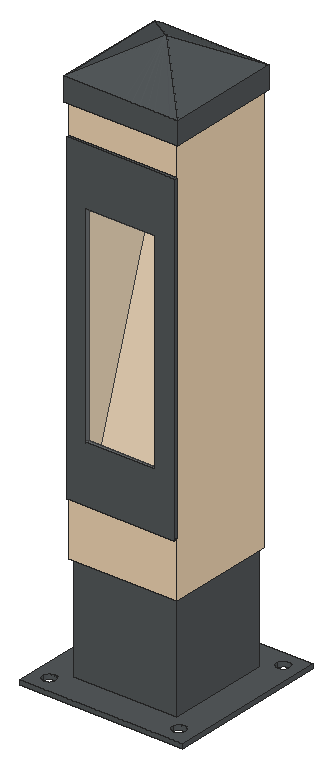
Revit family "Баум", category Осветительные приборы, Revit 2019 (continued)
Types (3, lengths in mm): name | Файл фотометрической сетки | built-in parameter 1150105 | Lumens | built-in parameter 1150106 | built-in parameter 1150142 | Wattage | h_столб низ | h_столб верх | ADSK_Фактическая мощность | ADSK_Размер_Высота | ADSK_Номинальная мощность | ADSK_Наименование | ADSK_Масса_Текст | ADSK_Масса | ADSK_Артикул
    .4 0.4 0.4 0.4 0.4 0.4 0.4 0.4 0.4 0.4 0.4 0.4 0.4 0.4 0.4 0.4 0.4 0.4 0.4 0.4 0.4 0.4 0.4 0.4 0.4 0.4\r\n 0.4 0.4 0.4 0.4 0.4 0.4 0.4 0.4 0.4 0.4 0.4 0.4 0.4 0.4 0.4 0.4 0.4 0.4 0.4 0.4 0.4 0.4 0.4 0.4 0.4 0.4 0.4 0.4 0.4 0.4 0.4 0.4\r\n 0.4 0.4 0.4 0.4 0.4 0.4 0.2 0.2 0.2 0.2 0.2 0.2 0.0 0.0 0.0 0.0 0.0 0.0 0.0 0.0 0.0\r\n0.0 0.0 0.0 0.0 0.0 0.0 0.0 0.0 0.4 0.2 0.4 0.4 0.4 0.4 0.4 0.4 0.4 0.4 0.4 0.4 0.4 0.4 0.4 0.4 0.4 0.4 0.4 0.4 0.4 0.4 0.4 0.4\r\n 0.4 0.4 0.4 0.4 0.4 0.4 0.4 0.4 0.4 0.4 0.4 0.4 0.4 0.4 0.4 0.4 0.4 0.4 0.4 0.4 0.4 0.4 0.4 0.4 0.4 0.4 0.4 0.4 0.4 0.4 0.4 0.4\r\n 0.4 0.4 0.4 0.4 0.4 0.4 0.4 0.4 0.4 0.4 0.4 0.4 0.4 0.4 0.4 0.4 0.4 0.4 0.4 0.4 0.4 0.4 0.4 0.4 0.4 0.4 0.4 0.4 0.4 0.4 0.4 0.4\r\n 0.4 0.4 0.4 0.4 0.4 0.4 0.4 0.4 0.4 0.4 0.4 0.4 0.4 0.4 0.4 0.4 0.4 0.4 0.4 0.4 0.4 0.4 0.4 0.4 0.4 0.4 0.4 0.4 0.4 0.4 0.4 0.4\r\n 0.4 0.4 0.4 0.4 0.4 0.4 0.4 0.4 0.4 0.4 0.4 0.4 0.4 0.4 0.4 0.4 0.4 0.4 0.4 0.4 0.4 0.4 0.4 0.4 0.4 0.4 0.4 0.4 0.4 0.4 0.4 0.4\r\n 0.4 0.4 0.4 0.4 0.4 0.4 0.4 0.4 0.2 0.2 0.2 0.2 0.0 0.0 0.0 0.0 0.0 0.0 0.0 0.0 0.0\r\n0.0 0.0 0.0 0.0 0.0 0.0 0.2 0.2 0.4 0.4 0.4 0.4 0.4 0.4 0.4 0.4 0.4 0.4 0.4 0.4 0.4 0.4 0.4 0.4 0.4 0.4 0.4 0.4 0.4 0.4 0.4 0.4\r\n 0.4 0.4 0.4 0.4 0.4 0.4 0.4 0.4 0.4 0.4 0.4 0.4 0.4 0.4 0.4 0.4 0.4 0.4 0.4 0.4 0.4 0.4 0.4 0.4 0.4 0.4 0.4 0.4 0.4 0.4 0.4 0.4\r\n 0.4 0.4 0.4 0.4 0.4 0.4 0.4 0.4 0.4 0.4 0.4 0.4 0.4 0.4 0.4 0.4 0.4 0.4 0.4 0.4 0.4 0.4 0.4 0.4 0.4 0.4 0.4 0.4 0.4 0.4 0.4 0.4\r\n 0.4 0.4 0.4 0.4 0.4 0.4 0.4 0.4 0.4 0.4 0.4 0.4 0.4 0.4 0.4 0.4 0.4 0.4 0.4 0.4 0.4 0.4 0.4 0.4 0.4 0.4 0.4 0.4 0.4 0.4 0.4 0.4\r\n 0.4 0.4 0.4 0.4 0.4 0.4 0.4 0.4 0.4 0.4 0.4 0.4 0.4 0.4 0.4 0.4 0.4 0.4 0.4 0.4 0.4 0.4 0.4 0.4 0.4 0.4 0.4 0.4 0.4 0.4 0.4 0.4\r\n 0.4 0.4 0.4 0.4 0.4 0.4 0.4 0.4 0.2 0.2 0.2 0.2 0.0 0.0 0.0 0.0 0.0 0.0 0.0 0.0 0.0\r\n0.0 0.0 0.0 0.0 0.0 0.0 0.2 0.2 0.4 0.4 0.4 0.4 0.4 0.4 0.4 0.4 0.4 0.4 0.4 0.4 0.4 0.4 0.4 0.4 0.4 0.4 0.4 0.4 0.4 0.4 0.4 0.4\r\n 0.4 0.4 0.4 0.4 0.4 0.4 0.4 0.4 0.4 0.4 0.4 0.4 0.4 0.4 0.4 0.4 0.4 0.4 0.4 0.4 0.4 0.4 0.4 0.4 0.4 0.4 0.4 0.4 0.4 0.4 0.4 0.4\r\n 0.4 0.4 0.4 0.4 0.4 0.4 0.4 0.4 0.4 0.4 0.4 0.4 0.4 0.4 0.4 0.4 0.4 0.4 0.4 0.4 0.4 0.4 0.4 0.4 0.4 0.4 0.4 0.4 0.4 0.4 0.4 0.4\r\n 0.4 0.4 0.4 0.4 0.4 0.4 0.4 0.4 0.4 0.4 0.4 0.4 0.4 0.4 0.4 0.4 0.4 0.4 0.4 0.4 0.4 0.4 0.4 0.4 0.4 0.4 0.4 0.4 0.4 0.4 0.4 0.4\r\n 0.4 0.4 0.4 0.4 0.4 0.4 0.4 0.4 0.4 0.4 0.4 0.4 0.4 0.4 0.4 0.4 0.4 0.4 0.4 0.4 0.4 0.4 0.4 0.4 0.4 0.4 0.4 0.4 0.4 0.4 0.4 0.4\r\n 0.4 0.4 0.4 0.4 0.4 0.4 0.4 0.4 0.2 0.2 0.2 0.2 0.0 0.0 0.0 0.0 0.0 0.0 0.0 0.0 0.0\r\n0.0 0.0 0.0 0.0 0.0 0.0 0.2 0.2 0.4 0.4 0.4 0.4 0.4 0.4 0.4 0.4 0.4 0.4 0.4 0.4 0.4 0.4 0.4 0.4 0.4 0.4 0.4 0.4 0.4 0.4 0.4 0.4\r\n 0.4 0.4 0.4 0.4 0.4 0.4 0.4 0.4 0.4 0.4 0.4 0.4 0.4 0.4 0.4 0.4 0.4 0.4 0.4 0.4 0.4 0.4 0.4 0.4 0.4 0.4 0.4 0.4 0.4 0.4 0.4 0.4\r\n 0.4 0.4 0.4 0.4 0.4 0.4 0.4 0.4 0.4 0.4 0.4 0.4 0.4 0.4 0.4 0.4 0.4 0.4 0.4 0.4 0.4 0.4 0.4 0.4 0.4 0.4 0.4 0.4 0.4 0.4 0.4 0.4\r\n 0.4 0.4 0.4 0.4 0.4 0.4 0.4 0.4 0.4 0.4 0.4 0.4 0.4 0.4 0.4 0.4 0.4 0.4 0.4 0.4 0.4 0.4 0.4 0.4 0.4 0.4 0.4 0.4 0.4 0.4 0.4 0.4\r\n 0.4 0.4 0.4 0.4 0.4 0.4 0.4 0.4 0.4 0.4 0.4 0.4 0.4 0.4 0.4 0.4 0.4 0.4 0.4 0.4 0.4 0.4 0.4 0.4 0.4 0.4 0.4 0.4 0.4 0.4 0.4 0.4\r\n 0.4 0.4 0.4 0.4 0.4 0.4 0.4 0.4 0.2 0.2 0.2 0.2 0.2 0.0 0.0 0.0 0.0 0.0 0.0 0.0 0.0\r\n0.0 0.0 0.0 0.0 0.0 0.2 0.2 0.2 0.4 0.4 0.4 0.4 0.4 0.4 0.4 0.4 0.4 0.4 0.4 0.4 0.4 0.4 0.4 0.4 0.4 0.4 0.4 0.4 0.4 0.4 0.4 0.4\r\n 0.4 0.4 0.4 0.4 0.4 0.4 0.4 0.4 0.4 0.4 0.4 0.4 0.4 0.4 0.4 0.4 0.4 0.4 0.4 0.4 0.4 0.4 0.4 0.4 0.4 0.4 0.4 0.4 0.4 0.4 0.4 0.4\r\n 0.4 0.4 0.4 0.4 0.4 0.4 0.4 0.4 0.4 0.4 0.4 0.4 0.4 0.4 0.4 0.4 0.4 0.4 0.4 0.4 0.4 0.4 0.4 0.4 0.4 0.4 0.4 0.4 0.4 0.4 0.4 0.4\r\n 0.4 0.4 0.4 0.4 0.4 0.4 0.4 0.4 0.4 0.4 0.4 0.4 0.4 0.4 0.4 0.4 0.4 0.4 0.4 0.4 0.4 0.4 0.4 0.4 0.4 0.4 0.4 0.4 0.4 0.4 0.4 0.4\r\n 0.4 0.4 0.4 0.4 0.4 0.4 0.4 0.4 0.4 0.4 0.4 0.4 0.4 0.4 0.4 0.4 0.4 0.4 0.4 0.4 0.4 0.4 0.4 0.4 0.4 0.4 0.4 0.4 0.4 0.4 0.4 0.4\r\n 0.4 0.4 0.4 0.4 0.4 0.4 0.4 0.4 0.2 0.2 0.2 0.2 0.2 0.0 0.0 0.0 0.0 0.0 0.0 0.0 0.0\r\n0.0 0.0 0.0 0.0 0.0 0.2 0.2 0.2 0.4 0.4 0.4 0.4 0.4 0.4 0.4 0.4 0.4 0.4 0.4 0.4 0.4 0.4 0.4 0.4 0.4 0.4 0.4 0.4 0.4 0.4 0.4 0.4\r\n 0.4 0.4 0.4 0.4 0.4 0.4 0.4 0.4 0.4 0.4 0.4 0.4 0.4 0.4 0.4 0.4 0.4 0.4 0.4 0.4 0.4 0.4 0.4 0.4 0.4 0.4 0.4 0.4 0.4 0.4 0.4 0.4\r\n 0.4 0.4 0.4 0.4 0.4 0.4 0.4 0.4 0.4 0.4 0.4 0.4 0.4 0.4 0.4 0.4 0.4 0.4 0.4 0.4 0.4 0.4 0.4 0.4 0.4 0.4 0.4 0.4 0.4 0.4 0.4 0.4\r\n 0.4 0.4 0.4 0.4 0.4 0.4 0.4 0.4 0.4 0.4 0.4 0.4 0.4 0.4 0.4 0.4 0.4 0.4 0.4 0.4 0.4 0.4 0.4 0.4 0.4 0.4 0.4 0.4 0.4 0.4 0.4 0.4\r\n 0.4 0.4 0.4 0.4 0.4 0.4 0.4 0.4 0.4 0.4 0.4 0.4 0.4 0.4 0.4 0.4 0.4 0.4 0.4 0.4 0.4 0.4 0.4 0.4 0.4 0.4 0.4 0.4 0.4 0.4 0.4 0.4\r\n 0.4 0.4 0.4 0.4 0.4 0.4 0.4 0.4 0.2 0.2 0.2 0.2 0.2 0.0 0.0 0.0 0.0 0.0 0.0 0.0 0.0\r\n0.0 0.0 0.0 0.0 0.0 0.2 0.2 0.2 0.4 0.4 0.4 0.4 0.4 0.4 0.4 0.4 0.4 0.4 0.4 0.4 0.4 0.4 0.4 0.4 0.4 0.4 0.4 0.4 0.4 0.4 0.4 0.4\r\n 0.4 0.4 0.4 0.4 0.4 0.4 0.4 0.4 0.4 0.4 0.4 0.4 0.4 0.4 0.4 0.4 0.4 0.4 0.4 0.4 0.4 0.4 0.4 0.4 0.4 0.4 0.4 0.4 0.4 0.4 0.4 0.4\r\n 0.4 0.4 0.4 0.4 0.4 0.4 0.4 0.4 0.4 0.4 0.4 0.4 0.4 0.4 0.4 0.4 0.4 0.4 0.4 0.4 0.4 0.4 0.4 0.4 0.4 0.4 0.4 0.4 0.4 0.4 0.4 0.4\r\n 0.4 0.4 0.4 0.4 0.4 0.4 0.4 0.4 0.4 0.4 0.4 0.4 0.4 0.4 0.4 0.4 0.4 0.4 0.4 0.4 0.4 0.4 0.4 0.4 0.4 0.4 0.4 0.4 0.4 0.4 0.4 0.4\r\n 0.4 0.4 0.4 0.4 0.4 0.4 0.4 0.4 0.4 0.4 0.4 0.4 0.4 0.4 0.4 0.4 0.4 0.4 0.4 0.4 0.4 0.4 0.4 0.4 0.4 0.4 0.4 0.4 0.4 0.4 0.4 0.4\r\n 0.4 0.4 0.4 0.4 0.4 0.4 0.4 0.4 0.2 0.2 0.2 0.2 0.2 0.2 0.0 0.0 0.0 0.0 0.0 0.0 0.0\r\n0.0 0.0 0.0 0.0 0.2 0.2 0.2 0.2 0.4 0.4 0.4 0.4 0.4 0.4 0.4 0.4 0.4 0.4 0.4 0.4 0.4 0.4 0.4 0.4 0.4 0.4 0.4 0.4 0.4 0.4 0.4 0.4\r\n 0.4 0.4 0.4 0.4 0.4 0.4 0.4 0.4 0.4 0.4 0.4 0.4 0.4 0.4 0.4 0.4 0.4 0.4 0.4 0.4 0.4 0.4 0.4 0.4 0.4 0.4 0.4 0.4 0.4 0.4 0.4 0.4\r\n 0.4 0.4 0.4 0.4 0.4 0.4 0.4 0.4 0.4 0.4 0.4 0.4 0.4 0.4 0.4 0.4 0.4 0.4 0.4 0.4 0.4 0.4 0.4 0.4 0.4 0.4 0.4 0.4 0.4 0.4 0.4 0.4\r\n 0.4 0.4 0.4 0.4 0.4 0.4 0.4 0.4 0.4 0.4 0.4 0.4 0.4 0.4 0.4 0.4 0.4 0.4 0.4 0.4 0.4 0.4 0.4 0.4 0.4 0.4 0.4 0.4 0.4 0.4 0.4 0.4\r\n 0.4 0.4 0.4 0.4 0.4 0.4 0.4 0.4 0.4 0.4 0.4 0.4 0.4 0.4 0.4 0.4 0.4 0.4 0.4 0.4 0.4 0.4 0.4 0.4 0.4 0.4 0.4 0.4 0.4 0.4 0.4 0.4\r\n 0.4 0.4 0.4 0.4 0.4 0.4 0.4 0.4 0.2 0.2 0.2 0.2 0.2 0.2 0.0 0.0 0.0 0.0 0.0 0.0 0.0\r\n0.0 0.0 0.0 0.0 0.2 0.2 0.2 0.2 0.4 0.4 0.4 0.4 0.4 0.4 0.4 0.4 0.4 0.4 0.4 0.4 0.4 0.4 0.4 0.4 0.4 0.4 0.4 0.4 0.4 0.4 0.4 0.4\r\n 0.4 0.4 0.4 0.4 0.4 0.4 0.4 0.4 0.4 0.4 0.4 0.4 0.4 0.4 0.4 0.4 0.4 0.4 0.4 0.4 0.4 0.4 0.4 0.4 0.4 0.4 0.4 0.4 0.4 0.4 0.4 0.4\r\n 0.4 0.4 0.4 0.4 0.4 0.4 0.4 0.4 0.4 0.4 0.4 0.4 0.4 0.4 0.4 0.4 0.4 0.4 0.4 0.4 0.4 0.4 0.4 0.4 0.4 0.4 0.4 0.4 0.4 0.4 0.4 0.4\r\n 0.4 0.4 0.4 0.4 0.4 0.4 0.4 0.4 0.4 0.4 0.4 0.4 0.4 0.4 0.4 0.4 0.4 0.4 0.4 0.4 0.4 0.4 0.4 0.4 0.4 0.4 0.4 0.4 0.4 0.4 0.4 0.4\r\n 0.4 0.4 0.4 0.4 0.4 0.4 0.4 0.4 0.4 0.4 0.4 0.4 0.4 0.4 0.4 0.4 0.4 0.4 0.4 0.4 0.4 0.4 0.4 0.4 0.4 0.4 0.4 0.4 0.4 0.4 0.4 0.4\r\n 0.4 0.4 0.4 0.4 0.4 0.4 0.4 0.4 0.4 0.4 0.2 0.2 0.2 0.2 0.0 0.0 0.0 0.0 0.0 0.0 0.0\r\n0.0 0.0 0.0 0.0 0.2 0.2 0.2 0.2 0.4 0.4 0.4 0.4 0.4 0.4 0.4 0.4 0.4 0.4 0.4 0.4 0.4 0.4 0.4 0.4 0.4 0.4 0.4 0.4 0.4 0.4 0.4 0.4\r\n 0.4 0.4 0.4 0.4 0.4 0.4 0.4 0.4 0.4 0.4 0.4 0.4 0.4 0.4 0.4 0.4 0.4 0.4 0.4 0.4 0.4 0.4 0.4 0.4 0.4 0.4 0.4 0.4 0.4 0.4 0.4 0.4\r\n 0.4 0.4 0.4 0.4 0.4 0.4 0.4 0.4 0.4 0.4 0.4 0.4 0.4 0.4 0.4 0.4 0.4 0.4 0.4 0.4 0.4 0.4 0.4 0.4 0.4 0.4 0.4 0.4 0.4 0.4 0.4 0.4\r\n 0.4 0.4 0.4 0.4 0.4 0.4 0.4 0.4 0.4 0.4 0.4 0.4 0.4 0.4 0.4 0.4 0.4 0.4 0.4 0.4 0.4 0.4 0.4 0.4 0.4 0.4 0.4 0.4 0.4 0.4 0.4 0.4\r\n 0.4 0.4 0.4 0.4 0.4 0.4 0.4 0.4 0.4 0.4 0.4 0.4 0.4 0.4 0.4 0.4 0.4 0.4 0.4 0.4 0.4 0.4 0.4 0.4 0.4 0.4 0.4 0.4 0.4 0.4 0.4 0.4\r\n 0.4 0.4 0.4 0.4 0.4 0.4 0.4 0.4 0.4 0.4 0.2 0.2 0.2 0.2 0.0 0.0 0.0 0.0 0.0 0.0 0.0\r\n0.0 0.0 0.0 0.2 0.2 0.2 0.2 0.2 0.4 0.4 0.4 0.4 0.4 0.4 0.4 0.4 0.4 0.4 0.4 0.4 0.4 0.4 0.4 0.4 0.4 0.4 0.4 0.4 0.4 0.4 0.4 0.4\r\n 0.4 0.4 0.4 0.4 0.4 0.4 0.4 0.4 0.4 0.4 0.4 0.4 0.4 0.4 0.4 0.4 0.4 0.4 0.4 0.4 0.4 0.4 0.4 0.4 0.4 0.4 0.4 0.4 0.4 0.4 0.4 0.4\r\n 0.4 0.4 0.4 0.4 0.4 0.4 0.4 0.4 0.4 0.4 0.4 0.4 0.4 0.4 0.4 0.4 0.4 0.4 0.4 0.4 0.4 0.4 0.4 0.4 0.4 0.4 0.4 0.4 0.4 0.4 0.4 0.4\r\n 0.4 0.4 0.4 0.4 0.4 0.4 0.4 0.4 0.4 0.4 0.4 0.4 0.4 0.4 0.4 0.4 0.4 0.4 0.4 0.4 0.4 0.4 0.4 0.4 0.4 0.4 0.4 0.4 0.4 0.4 0.4 0.4\r\n 0.4 0.4 0.4 0.4 0.4 0.4 0.4 0.4 0.4 0.4 0.4 0.4 0.4 0.4 0.4 0.4 0.4 0.4 0.4 0.4 0.4 0.4 0.4 0.4 0.4 0.4 0.4 0.4 0.4 0.4 0.4 0.4\r\n 0.4 0.4 0.4 0.4 0.4 0.4 0.4 0.4 0.4 0.4 0.2 0.2 0.2 0.2 0.0 0.0 0.0 0.0 0.0 0.0 0.0\r\n0.0 0.0 0.0 0.2 0.2 0.2 0.2 0.2 0.4 0.4 0.4 0.4 0.4 0.4 0.4 0.4 0.4 0.4 0.4 0.4 0.4 0.4 0.4 0.4 0.4 0.4 0.4 0.4 0.4 0.4 0.4 0.4\r\n 0.4 0.4 0.4 0.4 0.4 0.4 0.4 0.4 0.4 0.4 0.4 0.4 0.4 0.4 0.4 0.4 0.4 0.4 0.4 0.4 0.4 0.4 0.4 0.4 0.4 0.4 0.4 0.4 0.4 0.4 0.4 0.4\r\n 0.4 0.4 0.4 0.4 0.4 0.4 0.4 0.4 0.4 0.4 0.4 0.4 0.4 0.4 0.4 0.4 0.4 0.4 0.4 0.4 0.4 0.4 0.4 0.4 0.4 0.4 0.4 0.4 0.4 0.4 0.4 0.4\r\n 0.4 0.4 0.4 0.4 0.4 0.4 0.4 0.4 0.4 0.4 0.4 0.4 0.4 0.4 0.4 0.4 0.4 0.4 0.4 0.4 0.4 0.4 0.4 0.4 0.4 0.4 0.4 0.4 0.4 0.4 0.4 0.4\r\n 0.4 0.4 0.4 0.4 0.4 0.4 0.4 0.4 0.4 0.4 0.4 0.4 0.4 0.4 0.4 0.4 0.4 0.4 0.4 0.4 0.4 0.4 0.4 0.4 0.4 0.4 0.4 0.4 0.4 0.4 0.4 0.4\r\n 0.4 0.4 0.4 0.4 0.4 0.4 0.4 0.4 0.4 0.4 0.2 0.2 0.2 0.2 0.0 0.0 0.0 0.0 0.0 0.0 0.0\r\n0.0 0.0 0.0 0.2 0.2 0.2 0.2 0.2 0.4 0.4 0.4 0.4 0.4 0.4 0.4 0.4 0.4 0.4 0.4 0.4 0.4 0.4 0.4 0.4 0.4 0.4 0.4 0.4 0.4 0.4 0.4 0.4\r\n 0.4 0.4 0.4 0.4 0.4 0.4 0.4 0.4 0.4 0.4 0.4 0.4 0.4 0.4 0.4 0.4 0.4 0.4 0.4 0.4 0.4 0.4 0.4 0.4 0.4 0.4 0.4 0.4 0.4 0.4 0.4 0.4\r\n 0.4 0.4 0.4 0.4 0.4 0.4 0.4 0.4 0.4 0.4 0.4 0.4 0.4 0.4 0.4 0.4 0.4 0.4 0.4 0.4 0.4 0.4 0.4 0.4 0.4 0.4 0.4 0.4 0.4 0.4 0.4 0.4\r\n 0.4 0.4 0.4 0.4 0.4 0.4 0.4 0.4 0.4 0.4 0.4 0.4 0.4 0.4 0.4 0.4 0.4 0.4 0.4 0.4 0.4 0.4 0.4 0.4 0.4 0.4 0.4 0.4 0.4 0.4 0.4 0.4\r\n 0.4 0.4 0.4 0.4 0.4 0.4 0.4 0.4 0.4 0.4 0.4 0.4 0.4 0.4 0.4 0.4 0.4 0.4 0.4 0.4 0.4 0.4 0.4 0.4 0.4 0.4 0.4 0.4 0.4 0.4 0.4 0.4\r\n 0.4 0.4 0.4 0.4 0.4 0.4 0.4 0.4 0.4 0.4 0.2 0.2 0.2 0.2 0.0 0.0 0.0 0.0 0.0 0.0 0.0\r\n0.0 0.0 0.0 0.2 0.2 0.2 0.2 0.2 0.4 0.4 0.4 0.4 0.4 0.4 0.4 0.4 0.4 0.4 0.4 0.4 0.4 0.4 0.4 0.4 0.6 0.6 0.4 0.4 0.4 0.4 0.4 0.4\r\n 0.4 0.4 0.4 0.4 0.4 0.4 0.4 0.4 0.4 0.4 0.4 0.4 0.4 0.4 0.4 0.4 0.4 0.4 0.4 0.4 0.4 0.4 0.4 0.4 0.4 0.4 0.4 0.4 0.4 0.4 0.4 0.4\r\n 0.4 0.4 0.4 0.4 0.4 0.4 0.4 0.4 0.4 0.4 0.4 0.4 0.4 0.4 0.4 0.4 0.4 0.4 0.4 0.4 0.4 0.4 0.4 0.4 0.4 0.4 0.4 0.4 0.4 0.4 0.4 0.4\r\n 0.4 0.4 0.4 0.4 0.4 0.4 0.4 0.4 0.4 0.4 0.4 0.4 0.4 0.4 0.4 0.4 0.4 0.4 0.4 0.4 0.4 0.4 0.4 0.4 0.4 0.4 0.4 0.4 0.4 0.4 0.4 0.4\r\n 0.4 0.4 0.4 0.4 0.4 0.4 0.4 0.4 0.4 0.4 0.4 0.4 0.4 0.4 0.4 0.4 0.4 0.4 0.4 0.4 0.4 0.4 0.4 0.4 0.4 0.4 0.4 0.4 0.4 0.4 0.4 0.4\r\n 0.4 0.4 0.4 0.4 0.4 0.4 0.4 0.4 0.4 0.4 0.4 0.2 0.2 0.2 0.0 0.0 0.0 0.0 0.0 0.0 0.0\r\n0.0 0.0 0.0 0.2 0.2 0.2 0.2 0.2 0.4 0.4 0.4 0.4 0.4 0.4 0.4 0.4 0.4 0.4 0.4 0.4 0.4 0.4 0.4 0.4 0.6 0.6 0.4 0.4 0.4 0.4 0.4 0.4\r\n 0.4 0.4 0.4 0.4 0.4 0.4 0.4 0.4 0.4 0.4 0.4 0.4 0.4 0.4 0.4 0.4 0.4 0.4 0.4 0.4 0.4 0.4 0.4 0.4 0.4 0.4 0.4 0.4 0.4 0.4 0.4 0.4\r\n 0.4 0.4 0.4 0.4 0.4 0.4 0.4 0.4 0.4 0.4 0.4 0.4 0.4 0.4 0.4 0.4 0.4 0.4 0.4 0.4 0.4 0.4 0.4 0.4 0.4 0.4 0.4 0.4 0.4 0.4 0.4 0.4\r\n 0.4 0.4 0.4 0.4 0.4 0.4 0.4 0.4 0.4 0.4 0.4 0.4 0.4 0.4 0.4 0.4 0.4 0.4 0.4 0.4 0.4 0.4 0.4 0.4 0.4 0.4 0.4 0.4 0.4 0.4 0.4 0.4\r\n 0.4 0.4 0.4 0.4 0.4 0.4 0.4 0.4 0.4 0.4 0.4 0.4 0.4 0.4 0.4 0.4 0.4 0.4 0.4 0.4 0.4 0.4 0.4 0.4 0.4 0.4 0.4 0.4 0.4 0.4 0.4 0.4\r\n 0.4 0.4 0.4 0.4 0.4 0.4 0.4 0.4 0.4 0.4 0.4 0.2 0.2 0.2 0.0 0.0 0.0 0.0 0.0 0.0 0.0\r\n0.0 0.0 0.0 0.2 0.2 0.2 0.2 0.2 0.4 0.4 0.4 0.4 0.4 0.4 0.4 0.4 0.4 0.4 0.4 0.4 0.4 0.4 0.4 0.4 0.4 0.4 0.4 0.4 0.4 0.4 0.4 0.4\r\n 0.4 0.4 0.4 0.4 0.4 0.4 0.4 0.4 0.4 0.4 0.4 0.4 0.4 0.4 0.4 0.4 0.4 0.4 0.4 0.4 0.4 0.4 0.4 0.4 0.4 0.4 0.4 0.4 0.4 0.4 0.4 0.4\r\n 0.4 0.4 0.4 0.4 0.4 0.4 0.4 0.4 0.4 0.4 0.4 0.4 0.4 0.4 0.4 0.4 0.4 0.4 0.4 0.4 0.4 0.4 0.4 0.4 0.4 0.4 0.4 0.4 0.4 0.4 0.4 0.4\r\n 0.4 0.4 0.4 0.4 0.4 0.4 0.4 0.4 0.4 0.4 0.4 0.4 0.4 0.4 0.4 0.4 0.4 0.4 0.4 0.4 0.4 0.4 0.4 0.4 0.4 0.4 0.4 0.4 0.4 0.4 0.4 0.4\r\n 0.4 0.4 0.4 0.4 0.4 0.4 0.4 0.4 0.4 0.4 0.4 0.4 0.4 0.4 0.4 0.4 0.4 0.4 0.4 0.4 0.4 0.4 0.4 0.4 0.4 0.4 0.4 0.4 0.4 0.4 0.4 0.4\r\n 0.4 0.4 0.4 0.4 0.4 0.4 0.4 0.4 0.4 0.4 0.4 0.2 0.2 0.2 0.0 0.0 0.0 0.0 0.0 0.0 0.0\r\n0.0 0.0 0.0 0.2 0.2 0.2 0.2 0.2 0.4 0.4 0.4 0.4 0.4 0.4 0.4 0.4 0.4 0.4 0.4 0.4 0.4 0.4 0.4 0.4 0.4 0.4 0.4 0.4 0.4 0.4 0.4 0.4\r\n 0.4 0.4 0.4 0.4 0.4 0.4 0.4 0.4 0.4 0.4 0.4 0.4 0.4 0.4 0.4 0.4 0.4 0.4 0.4 0.4 0.4 0.4 0.4 0.4 0.4 0.4 0.4 0.4 0.4 0.4 0.4 0.4\r\n 0.4 0.4 0.4 0.4 0.4 0.4 0.4 0.4 0.4 0.4 0.6 0.6 0.4 0.4 0.4 0.4 0.4 0.4 0.4 0.4 0.4 0.4 0.4 0.4 0.4 0.4 0.4 0.4 0.4 0.4 0.4 0.4\r\n 0.4 0.4 0.4 0.4 0.4 0.4 0.4 0.4 0.4 0.4 0.4 0.4 0.4 0.4 0.4 0.4 0.4 0.4 0.4 0.4 0.4 0.4 0.4 0.4 0.4 0.4 0.4 0.4 0.4 0.4 0.4 0.4\r\n 0.4 0.4 0.4 0.4 0.4 0.4 0.4 0.4 0.4 0.4 0.4 0.4 0.4 0.4 0.4 0.4 0.4 0.4 0.4 0.4 0.4 0.4 0.4 0.4 0.4 0.4 0.4 0.4 0.4 0.4 0.4 0.4\r\n 0.4 0.4 0.4 0.4 0.4 0.4 0.4 0.4 0.4 0.4 0.4 0.2 0.2 0.2 0.0 0.0 0.0 0.0 0.0 0.0 0.0\r\n0.0 0.0 0.0 0.2 0.2 0.2 0.2 0.2 0.4 0.4 0.4 0.4 0.4 0.4 0.4 0.4 0.4 0.4 0.4 0.4 0.4 0.4 0.4 0.4 0.4 0.4 0.4 0.4 0.4 0.4 0.4 0.4\r\n 0.4 0.4 0.4 0.4 0.4 0.4 0.4 0.4 0.4 0.4 0.4 0.4 0.4 0.4 0.4 0.4 0.4 0.4 0.4 0.4 0.4 0.4 0.4 0.4 0.4 0.4 0.4 0.4 0.4 0.4 0.4 0.4\r\n 0.4 0.4 0.4 0.4 0.4 0.4 0.4 0.4 0.4 0.4 0.4 0.4 0.4 0.4 0.4 0.4 0.4 0.4 0.4 0.4 0.4 0.4 0.4 0.4 0.4 0.4 0.4 0.4 0.4 0.4 0.4 0.4\r\n 0.4 0.4 0.4 0.4 0.4 0.4 0.4 0.4 0.4 0.4 0.4 0.4 0.4 0.4 0.4 0.4 0.4 0.4 0.4 0.4 0.4 0.4 0.4 0.4 0.4 0.4 0.4 0.4 0.4 0.4 0.4 0.4\r\n 0.4 0.4 0.4 0.4 0.4 0.4 0.4 0.4 0.4 0.4 0.4 0.4 0.4 0.4 0.4 0.4 0.4 0.4 0.4 0.4 0.4 0.4 0.4 0.4 0.4 0.4 0.4 0.4 0.4 0.4 0.4 0.4\r\n 0.4 0.4 0.4 0.4 0.4 0.4 0.4 0.4 0.4 0.4 0.4 0.2 0.2 0.2 0.0 0.0 0.0 0.0 0.0 0.0 0.0\r\n0.0 0.0 0.2 0.2 0.2 0.2 0.2 0.2 0.4 0.4 0.4 0.4 0.4 0.4 0.4 0.4 0.4 0.4 0.4 0.4 0.4 0.4 0.4 0.4 0.4 0.4 0.4 0.4 0.4 0.4 0.4 0.4\r\n 0.4 0.4 0.4 0.4 0.4 0.4 0.4 0.4 0.4 0.4 0.4 0.4 0.4 0.4 0.4 0.4 0.4 0.4 0.4 0.4 0.4 0.4 0.4 0.4 0.4 0.4 0.4 0.4 0.4 0.4 0.4 0.4\r\n 0.4 0.4 0.4 0.4 0.4 0.4 0.4 0.4 0.4 0.4 0.4 0.4 0.4 0.4 0.4 0.4 0.4 0.4 0.4 0.4 0.4 0.4 0.4 0.4 0.4 0.4 0.4 0.4 0.4 0.4 0.4 0.4\r\n 0.4 0.4 0.4 0.4 0.4 0.4 0.4 0.4 0.4 0.4 0.4 0.4 0.4 0.4 0.4 0.4 0.4 0.4 0.4 0.4 0.4 0.4 0.4 0.4 0.4 0.4 0.4 0.4 0.4 0.4 0.4 0.4\r\n 0.4 0.4 0.4 0.4 0.4 0.4 0.4 0.4 0.4 0.4 0.4 0.4 0.4 0.4 0.4 0.4 0.4 0.4 0.4 0.4 0.4 0.4 0.4 0.4 0.4 0.4 0.4 0.4 0.4 0.4 0.4 0.4\r\n 0.4 0.4 0.4 0.4 0.4 0.4 0.4 0.4 0.4 0.4 0.4 0.2 0.2 0.2 0.0 0.0 0.0 0.0 0.0 0.0 0.0\r\n0.0 0.0 0.2 0.2 0.2 0.2 0.2 0.2 0.4 0.4 0.4 0.4 0.4 0.4 0.4 0.4 0.4 0.4 0.4 0.4 0.4 0.4 0.4 0.4 0.4 0.4 0.4 0.4 0.4 0.4 0.4 0.4\r\n 0.4 0.4 0.4 0.4 0.4 0.4 0.4 0.4 0.4 0.4 0.4 0.4 0.4 0.4 0.4 0.4 0.4 0.4 0.4 0.4 0.4 0.4 0.4 0.4 0.4 0.4 0.4 0.4 0.4 0.4 0.4 0.4\r\n 0.4 0.4 0.4 0.4 0.4 0.4 0.4 0.4 0.4 0.4 0.4 0.4 0.4 0.4 0.4 0.4 0.4 0.4 0.4 0.4 0.4 0.4 0.4 0.4 0.4 0.4 0.4 0.4 0.4 0.4 0.4 0.4\r\n 0.4 0.4 0.4 0.4 0.4 0.4 0.4 0.4 0.4 0.4 0.4 0.4 0.4 0.4 0.4 0.4 0.4 0.4 0.4 0.4 0.4 0.4 0.4 0.4 0.4 0.4 0.4 0.4 0.4 0.4 0.4 0.4\r\n 0.4 0.4 0.4 0.4 0.4 0.4 0.4 0.4 0.4 0.4 0.4 0.4 0.4 0.4 0.4 0.4 0.4 0.4 0.4 0.4 0.4 0.4 0.4 0.4 0.4 0.4 0.4 0.4 0.4 0.4 0.4 0.4\r\n 0.4 0.4 0.4 0.4 0.4 0.4 0.4 0.4 0.4 0.4 0.4 0.2 0.2 0.2 0.0 0.0 0.0 0.0 0.0 0.0 0.0\r\n0.0 0.0 0.2 0.2 0.2 0.2 0.2 0.2 0.4 0.4 0.4 0.4 0.4 0.4 0.4 0.4 0.4 0.4 0.4 0.4 0.4 0.4 0.4 0.4 0.4 0.4 0.4 0.4 0.4 0.4 0.4 0.4\r\n 0.4 0.4 0.4 0.4 0.4 0.4 0.4 0.4 0.4 0.4 0.4 0.4 0.4 0.4 0.4 0.4 0.4 0.4 0.4 0.4 0.4 0.4 0.4 0.4 0.4 0.4 0.4 0.4 0.4 0.4 0.4 0.4\r\n 0.4 0.4 0.4 0.4 0.4 0.4 0.4 0.4 0.4 0.4 0.4 0.4 0.4 0.4 0.4 0.4 0.4 0.4 0.4 0.4 0.4 0.4 0.4 0.4 0.4 0.4 0.4 0.4 0.6 0.4 0.4 0.4\r\n 0.4 0.4 0.4 0.4 0.4 0.6 0.4 0.4 0.4 0.4 0.4 0.4 0.4 0.4 0.4 0.4 0.4 0.4 0.4 0.4 0.4 0.4 0.4 0.4 0.4 0.4 0.4 0.4 0.4 0.4 0.4 0.4\r\n 0.4 0.4 0.4 0.4 0.4 0.4 0.4 0.4 0.4 0.4 0.4 0.4 0.4 0.4 0.4 0.4 0.4 0.4 0.4 0.4 0.4 0.4 0.4 0.4 0.4 0.4 0.4 0.4 0.4 0.4 0.4 0.4\r\n 0.4 0.4 0.4 0.4 0.4 0.4 0.4 0.4 0.4 0.4 0.4 0.2 0.2 0.2 0.0 0.0 0.0 0.0 0.0 0.0 0.0\r\n0.0 0.0 0.2 0.2 0.2 0.2 0.2 0.2 0.4 0.4 0.4 0.4 0.4 0.4 0.4 0.4 0.4 0.4 0.4 0.4 0.4 0.4 0.4 0.4 0.4 0.4 0.4 0.4 0.4 0.4 0.4 0.4\r\n 0.4 0.4 0.4 0.4 0.4 0.4 0.4 0.4 0.6 0.6 0.4 0.4 0.4 0.4 0.4 0.4 0.4 0.4 0.4 0.4 0.4 0.4 0.4 0.4 0.4 0.4 0.4 0.4 0.4
